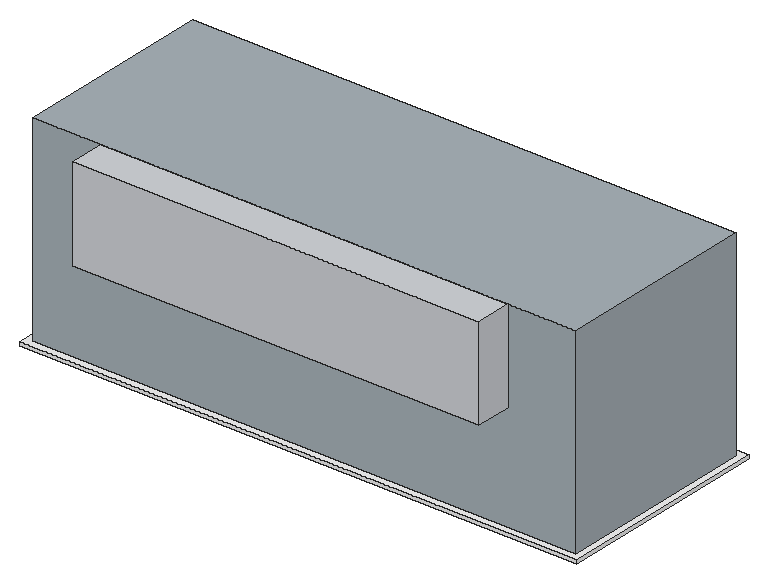
Revit family "QCF1600", category Mechanical Equipment, Revit 2016
Family settings
  Part Type = Normal
  Round Connector Dimension = Use Diameter
  OmniClass Number = 23.75.70.21.24.11
  OmniClass Title = Constant Volume Air Terminal Units
  Work Plane-Based = Yes
  Always vertical = Yes
  Cut with Voids When Loaded = No
  Shared = No
  Room Calculation Point = No
Parameters (values of type "QCF1600")
  CFM@0.10" S.P. [instance] = 1130 CFM
  Frequency [instance] = 60 Hz
  Watt [instance] = 309 W
  Volts_AC [instance] = 120 VA
  Default Elevation = 6' - 0"
  CFM = "SP 0/CFM 1325 - SP 0.10/CFM 1200 - SP 0.30/CFM 980"
  C. DEPTH [instance] = 0' - 2 1/2"
  A [instance] = 3' - 2"
  E [instance] = 0' - 6 1/2"
  URL = "http://www.reversomatic.com/product/qcf-1300/"
  RPM [instance] = 23.361 m³
  D [instance] = 2' - 4 1/2"
  Model = "QCF1600"
  Manufacturer = "REVERSOMATIC"
  C [instance] = 1' - 2"
  B [instance] = 1' - 2"
  Description = "CEILING OR IN-LINE TWIN BLOWER FANS"
  F [instance] = 1' - 3"
  G [instance] = 3' - 3"
  Amps [instance] = 3.2 A
Reference planes (in)
  plane 1 "Center (Front/Back)": y = 0
  plane 2: z = 0
  plane 3 "Center (Left/Right)": x = 0
  plane 4: z = 14
  plane 5: y = 7
  plane 6: y = -7
  plane 7: x = 19
  plane 8: x = -19
  plane 9: y = 7.5
  plane 10: x = 19.5
  plane 11: y = -7.5
  plane 12: x = -19.5
  plane 13: x = -14.25
  plane 14: x = 14.25
  plane 15: z = 6.5
Forms (in)
  Extrusion 1, solid, material "Default New Material"
    sketch origin (0, 0, 0) x (1, 0, 0) y (0, 1, 0)
      loop
        line (-19, 7) -> (-19, -7) -> (19, -7) -> (19, 7) -> (-19, 7)
    from 0 to 14
  Extrusion 2, solid, material "Default"
    sketch origin (0, 0, 0) x (0, 1, 0) y (1, 0, 0)
      loop
        line (-7.5, 19.5) -> (-7.5, -19.5) -> (7.5, -19.5) -> (7.5, 19.5) -> (-7.5, 19.5)
    from 0 to 0.24475
  Extrusion 3, solid
    sketch origin (19, -7, 7.5) x (-1, 0, 0) y (0, 0, -1)
      loop
        line (33.25, 0) -> (4.75, 0) -> (4.75, -6.5) -> (33.25, -6.5) -> (33.25, 0)
    from 0 to 2.5
Lines and regions (in)
  model lines, not visible
    curve 1: line (-9.88226, 2.47827, 0.12972) -> (-9.88226, -5.27173, 0.12972)
    curve 2: line (-9.39339, 1.7977, 0.08881) -> (-9.39339, -4.7023, 0.08881)
    curve 3: line (-8.82749, 1.22023, 0.04145) -> (-8.82749, -4.02977, 0.04145)
    curve 4: line (-8.31817, 0.7005, -0.00117) -> (-8.31817, -3.5495, -0.00117)
Dimensions and locks (in)
  "C": plane 4 to level
  equal spacing: plane 8, plane 3 "Center (Left/Right)", plane 7
  "A": plane 8 to plane 7
  equal spacing: plane 5, plane 1 "Center (Front/Back)", plane 6
  "B": plane 5 to plane 6
  equal spacing: plane 12, plane 3 "Center (Left/Right)", plane 10
  "G": plane 12 to plane 10
  equal spacing: plane 9, plane 1 "Center (Front/Back)", plane 11
  "F": plane 9 to plane 11
  equal spacing: plane 13, plane 3 "Center (Left/Right)", plane 14
  "D": plane 13 to plane 14
  "E": plane 15 to level
  connector elem to plane 13 = 1' - 2 1/4"
  "C. DEPTH": plane 6 to Extrusion 3
  aligned and locked: plane 2 to level
  aligned and locked: Extrusion 1 to plane 4
  aligned and locked: Extrusion 1 to plane 7
  aligned and locked: Extrusion 1 to plane 5
  aligned and locked: plane 8 to Extrusion 1
  aligned and locked: Extrusion 1 to plane 6
  aligned and locked: Extrusion 2 to plane 9
  aligned and locked: plane 10 to Extrusion 2
  aligned and locked: Extrusion 2 to plane 11
  aligned and locked: plane 12 to Extrusion 2
  aligned and locked: Extrusion 3 to plane 13
  aligned and locked: plane 14 to Extrusion 3
Automatic sketch dimensions
  Extrusion 1 sketch curve to plane 3 "Center (Left/Right)" = 1' - 7"
  plane 3 "Center (Left/Right)" to Extrusion 1 sketch curve = 1' - 7"
  plane 1 "Center (Front/Back)" to Extrusion 1 sketch curve = 0' - 7"
  Extrusion 1 sketch curve to plane 1 "Center (Front/Back)" = 0' - 7"
  plane 1 "Center (Front/Back)" to Extrusion 2 sketch curve = 0' - 7 1/2"
  Extrusion 2 sketch curve to plane 1 "Center (Front/Back)" = 0' - 7 1/2"
  plane 3 "Center (Left/Right)" to Extrusion 2 sketch curve = 1' - 7 1/2"
  Extrusion 2 sketch curve to plane 3 "Center (Left/Right)" = 1' - 7 1/2"
  Extrusion 3 sketch curve to Extrusion 1 = 0' - 4 3/4"
  Extrusion 1 to Extrusion 3 sketch curve = 0' - 4 3/4"
  Extrusion 1 to Extrusion 3 sketch curve = 1' - 2"
  Extrusion 1 to Extrusion 3 sketch curve = 0' - 6 1/2"
Connectors (in)
  hvac at (0, -9.5, 10.75), driven by "E", driven by "D", driven by "CFM@0.10" S.P."
    settings: on Extrusion 3, index 1, duct flow 1130 CFM, flow factor 0, pres drop 0.00 in-wg, loss coef 0, conn angle 0.00°, conn width 28 1/2", conn height 6 1/2", conn diameter 24", duct sys type 1, conn prof type 1, flow config 0, flow direction 2, loss method 0, conn ref index -1, conn util no, is conn primary yes, conn desc ""
